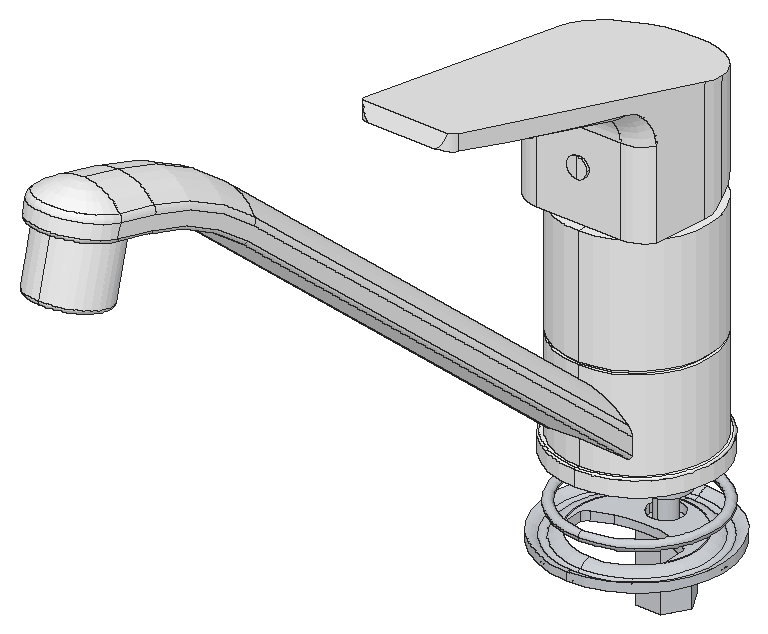
Revit family "Reece_Tap_Posh_Solus MK3_Sink Mixer", category Plumbing Fixtures, host Face, Revit 2018
Family settings
  Host = Face
  Round Connector Dimension = Use Diameter
  Part Type = Normal
  Cut with Voids When Loaded = No
  Shared = Yes
  Room Calculation Point = Yes
Parameters (values of type "210 mm_Chrome")
  WFU = 0  # constant formula
  URL = "https://www.reece.com.au/product/-9508811"
  Type Comments = "Tap"
  Reece_Tap_Reach = 210 mm  # constant formula
  Reece_Tap_Inlet = 12 mm  # constant formula
  Reece_Tap_Clearance = 132 mm  # constant formula
  Reece_Product_Web Page = "https://www.reece.com.au/product/-9508811"
  Reece_Product_Type = "Tap"  # constant formula
  Reece_Product_Sub Brand = "Solus"  # constant formula
  Reece_Product_Number = "9508811"
  Reece_Product_Mount = "Hob Mounted"
  Reece_Product_Description = "Posh Solus MK3 Standard Sink Mixer Tap Chrome (4 Star)"  # constant formula
  Reece_Product_Brand = "Posh"  # constant formula
  Reece_Overall_Height = 162 mm  # constant formula
  Reece_Material-Main = Reece_Brass_Chrome
  Reece_Detail_Installation = ""
  Reece_Detail_Disclaimer = "THIS FILE IS THE PROPERTY OF THE REECE GROUP. IT MAY NOT BE REPRODUCED, REVERSE-ENGINEERED OR MODIFIED. ANY REPUBLICATION, TRANSMISSION OR DISTRIBUTION FOR THE PURPOSE OF COMMERCIALLY EXPLOITING THE FILES IS PROHIBITED."  # constant formula
  Reece_Detail_Connector = ""
  Reece_Detail_Additional = "Sink Mixer"  # constant formula
  Model = "Solus"
  Manufacturer = "Posh"
  Keynote = "Product #9508811, Reece_Tap_Posh_Solus MK3_Sink Mixer - 210 mm_Chrome"
  HWFU = 0  # constant formula
  Disclaimer = "THIS FILE IS THE PROPERTY OF THE REECE GROUP. IT MAY NOT BE REPRODUCED, REVERSE-ENGINEERED OR MODIFIED. ANY REPUBLICATION, TRANSMISSION OR DISTRIBUTION FOR THE PURPOSE OF COMMERCIALLY EXPLOITING THE FILES IS PROHIBITED."  # constant formula
  Description = "Posh Solus MK3 Standard Sink Mixer Tap Chrome (4 Star)"
  Default Elevation = 1000 mm
  CWFU = 0  # constant formula
Types (2, lengths in mm): name | Keynote
  (no name) | "Product #9508811, Reece_Tap_Posh_Solus MK3_Sink Mixer -  "
  210 mm_Chrome | "Product #9508811, Reece_Tap_Posh_Solus MK3_Sink Mixer - 210 mm_Chrome"
Reference planes
  plane 1 "Center (Front/Back)": y = 0
  plane 2 "Bottom": z = 0
  plane 3 "Center (Left/Right)": x = 0
  plane 4 "Top": z = 162
  plane 5: y = -209.951
  plane 6: through (0, -202.021, 161.593) normal (0, 0.9659, -0.2588)
  plane 7: z = 132
Forms (mm)
  Revolve 1, solid, material "Reece_Brass_Chrome" <- "Reece_Material-Main"
    sketch origin (0, 0, 0.083) x (0, 1, 0) y (0, 0, 1)
      loop
        line (0, 0) -> (0, 85)
        arc (0, 85) -> (-12.728, 79.728) -> (-18, 67) r 18
        line (-18, 67) -> (-21.5, 67) -> (-21.5, 32.562) -> (-20.5, 32.562) -> (-20.5, 31.562) -> (-21.5, 31.562) -> (-21.5, 5) -> (-22.5, 5)
        arc (-22.5, 5) -> (-22.854, 4.854) -> (-23, 4.5) r 0.5
        line (-23, 4.5) -> (-23, 0) -> (0, 0)
      axis (0, 0) -> (0, 85)
    angle from 0 to 360
  Revolve 2, solid, material "Reece_Brass_Chrome" <- "Reece_Material-Main"
    sketch origin (0, 0.049, -0.154) x (0, 1, 0) y (0, 0, 1)
      loop
        line (-210, 132.154) -> (-204.71, 151.897) -> (-215.498, 154.788) -> (-220.529, 136.011)
        arc (-220.529, 136.011) -> (-220.429, 135.252) -> (-219.822, 134.786) r 1
        line (-219.822, 134.786) -> (-218.829, 134.52) -> (-218.503, 135.734) -> (-217.054, 135.346) -> (-217.38, 134.131) -> (-210, 132.154)
      axis (-210, 132.154) -> (-204.71, 151.897)
    angle from 0 to 360
  Sweep 3, solid, material "Reece_Brass_Chrome" <- "Reece_Material-Main"
    path origin (0, 0, 29) x (0, 1, 0) y (0, 0, 1)
      loop
        line (-21.5, 40.154) -> (-21.5, 65.719)
        arc (-21.5, 65.719) -> (-23.514, 71.737) -> (-28.744, 75.331) r 10
        line (-28.744, 75.331) -> (-86.5, 91.893)
    profile origin (0, -21.5, 81.936) x (0, -1, 0) y (1, 0, 0)
      loop
        line (-44.916, -24.549) -> (-8.216, -21.338)
        arc (-8.216, -21.338) -> (-2.365, -18.452) -> (0, -12.372) r 9
        line (0, -12.372) -> (0, 12.372)
        arc (0, 12.372) -> (-2.365, 18.452) -> (-8.216, 21.338) r 9
        line (-8.216, 21.338) -> (-44.916, 24.549) -> (-44.916, -24.549)
  Extrusion 4, void
    sketch origin (0, 0, 29) x (0, 1, 0) y (0, 0, 1)
      loop
        line (-101.23, 100.065) -> (21.5, 70.6) -> (21.5, 49.304) -> (0.949, 40.154) -> (29.569, 40.154) -> (29.569, 146.846) -> (-101.23, 146.846) -> (-101.23, 100.065)
    from -27.964 to 27.036
  Extrusion 5, solid, material "Reece_Brass_Chrome" <- "Reece_Material-Main"
    sketch origin (0, -0.344, 59) x (1, 0, 0) y (0, 0, 1)
      loop
        circle (0, 25.154) r 3
    from 0 to 23.5
  Revolve 6, void
    sketch origin (0, -0.344, 58.846) x (0, 1, 0) y (0, 0, 1)
      loop
        line (-21.844, 30.455) -> (-25.067, 30.455) -> (-25.067, 21.417) -> (-21.844, 21.417) -> (-21.844, 30.455)
      axis (0, 30.455) -> (0, 21.417)
    angle from 0 to 360
  Extrusion 7, void
    sketch origin (0, 0, 0) x (1, 0, 0) y (0, 1, 0)
      loop
        arc (-20.756, 5.606) -> (-21.376, 2.086) -> (-21.36, -1.487) r 20
        line (-21.36, -1.487) -> (-13.683, -82.876)
        arc (-13.683, -82.876) -> (-12.393, -85.458) -> (-9.7, -86.5) r 4
        line (-9.7, -86.5) -> (9.7, -86.5)
        arc (9.7, -86.5) -> (12.393, -85.458) -> (13.683, -82.876) r 4
        line (13.683, -82.876) -> (21.36, -1.487)
        arc (21.36, -1.487) -> (21.376, 2.086) -> (20.756, 5.606) r 20
        arc (20.756, 5.606) -> (13.071, 17.07) -> (0, 21.5) r 21.5
        arc (0, 21.5) -> (-13.071, 17.07) -> (-20.756, 5.606) r 21.5
      loop
        line (-27.964, 29.569) -> (-27.964, -101.23) -> (27.036, -101.23) -> (27.036, 29.569) -> (-27.964, 29.569)
    from 67 to 169.19
  Extrusion 8, void
    sketch origin (0, 0.949, 0.083) x (0, 1, 0) y (0, 0, 1)
      loop
        line (-17.2, 69.154) -> (0, 69.154) -> (17.051, 76.745) -> (17.051, 81.745) -> (0, 74.154) -> (-17.2, 74.154) -> (-17.2, 69.154)
    from -19.848 to 19.848
  Revolve 9, solid
    sketch origin (0, -4.051, -0.183) x (0, 1, 0) y (0, 0, 1)
      loop
        line (14.924, 0.183) -> (8.849, 0.183)
        arc (8.849, 0.183) -> (8.496, 0.037) -> (8.349, -0.317) r 0.5
        line (8.349, -0.317) -> (8.349, -14.094) -> (11.924, -14.094) -> (11.924, -45.927)
        arc (11.924, -45.927) -> (12.07, -46.281) -> (12.424, -46.427) r 0.5
        line (12.424, -46.427) -> (14.924, -46.427) -> (14.924, 0.183)
      axis (14.924, -46.427) -> (14.924, 0.183)
    angle from 0 to 360
  Extrusion 10, void
    sketch origin (619.2, -619.2, 0) x (1, 0, 0) y (0, 1, 0)
      loop
        circle (-619.2, 620.149) r 20
    from 0 to -60
  Sweep 11, solid, material "Reece_Brass_Chrome" <- "Reece_Material-Main"
    path origin (0, -0.116, 3.216) x (0, 1, 0) y (0, 0, 1)
      loop
        line (-206.947, 146.654) -> (-194.347, 143.278)
        arc (-194.347, 143.278) -> (-176.083, 136.176) -> (-159.79, 125.289) r 90
        line (-159.79, 125.289) -> (1.08, -9.697)
    profile origin (0, -79.471, 61.012) x (0, 0.642788, 0.766044) y (1, 0, 0)
      loop
        arc (0, -11.5) -> (0.293, -12.207) -> (1, -12.5) r 1
        line (1, -12.5) -> (4.874, -12.5)
        arc (4.874, -12.5) -> (5.975, -12.291) -> (6.922, -11.692) r 3
        arc (6.922, -11.692) -> (10.676, -6.374) -> (12, 0) r 16
        arc (12, 0) -> (10.676, 6.374) -> (6.922, 11.692) r 16
        arc (6.922, 11.692) -> (5.975, 12.291) -> (4.874, 12.5) r 3
        line (4.874, 12.5) -> (1, 12.5)
        arc (1, 12.5) -> (0.293, 12.207) -> (0, 11.5) r 1
        line (0, 11.5) -> (0, 0) -> (0, -11.5)
  Revolve 12, solid, material "Reece_Brass_Chrome" <- "Reece_Material-Main"
    sketch origin (0, -207.063, 149.87) x (0, -0.258819, -0.965926) y (1, 0, 0)
      loop
        arc (-12, 0) -> (-10.676, -6.374) -> (-6.922, -11.692) r 16
        arc (-6.922, -11.692) -> (-5.975, -12.291) -> (-4.874, -12.5) r 3
        line (-4.874, -12.5) -> (-1, -12.5)
        arc (-1, -12.5) -> (-0.293, -12.207) -> (0, -11.5) r 1
        line (0, -11.5) -> (0, 0) -> (-12, 0)
      axis (-12, 0) -> (0, 0)
    angle from 0 to -180
  Extrusion 13, solid
    sketch origin (619.2, -619.2, 0) x (1, 0, 0) y (0, 1, 0)
      loop
        circle (-627.2, 620.149) r 6
      loop
        circle (-611.2, 620.149) r 6
    from 0 to 4
  Extrusion 14, solid
    sketch origin (0, 10.873, -14.277) x (-1, 0, 0) y (0, 1, 0)
      loop
        circle (0, 0) r 3
      loop
        line (3.796, 6.574) -> (-3.796, 6.574) -> (-7.591, 0) -> (-3.796, -6.574) -> (3.796, -6.574) -> (7.591, 0) -> (3.796, 6.574)
    from 30 to 10
  Revolve 15, solid
    sketch origin (0, 0, -2) x (0, 1, 0) y (0, 0, 1)
      loop
        arc (18.75, -21.5) -> (21.75, -23) -> (24.75, -21.5) r 3.75
        line (24.75, -21.5) -> (25.75, -21.5) -> (25.75, -19)
        arc (25.75, -19) -> (24.212, -19.499) -> (22.941, -20.498) r 4.61
        arc (22.941, -20.498) -> (21.841, -21) -> (20.728, -20.527) r 1.5
        arc (20.728, -20.527) -> (19.122, -19.398) -> (17.2, -19) r 4.84
        line (17.2, -19) -> (17.2, -21.5) -> (18.75, -21.5)
      axis (0, -19) -> (0, -21.5)
    angle from 0 to 360
  Extrusion 16, solid
    sketch origin (0, 0, -25) x (1, 0, 0) y (0, 1, 0)
      loop
        arc (-8.263, 1.702) -> (0, 3.159) -> (8.263, 1.702) r 24.16
        line (8.263, 1.702) -> (13.684, -0.271)
        arc (13.684, -0.271) -> (14.638, -1.003) -> (15, -2.15) r 2
        line (15, -2.15) -> (15, -8.417)
        arc (15, -8.417) -> (0, 17.2) -> (-15, -8.417) r 17.2
        line (-15, -8.417) -> (-15, -2.15)
        arc (-15, -2.15) -> (-14.638, -1.003) -> (-13.684, -0.271) r 2
        line (-13.684, -0.271) -> (-8.263, 1.702)
      loop
        circle (0, 10.873) r 5
    from 1.5 to 4
  Revolve 17, solid
    sketch origin (0, 0, 0) x (0, 1, 0) y (0, 0, 1)
      loop
        circle (22.2, -14) r 1.3
      axis (1, -14) -> (1, -13)
    angle from 0 to 360
Cuts and joins
  Extrusion 4, Extrusion 7 cuts Sweep 3
  Revolve 6 cuts Extrusion 5
  joined: Sweep 3, Extrusion 5
  Extrusion 8 cuts Revolve 1
  joined: Revolve 1, Revolve 2, Sweep 11, Revolve 12
Lines and regions (mm)
  symbolic lines, style "PlumbingFixtures"
    curve 1: line (12.5, 0, 154.559) -> (12.5, 0, 128.186)
    curve 2: line (-12.5, 0, 154.559) -> (-12.5, 0, 128.186)
Text (mm)
  text "Reece Copyright © 2018, Reece Ltd." at (-736.401, -309.454, 0), in view "Ref. Level"
  text "Reece ©" at (44.384, 258.95, 192.345), in view "Reece Preview"
Dimensions and locks
  "Reece_Tap_Reach": plane 5 to plane 1 "Center (Front/Back)"
  "Reece_Tap_Clearance": plane 7 to plane 2 "Bottom"
  "Reece_Overall_Height": plane 4 "Top" to plane 2 "Bottom"
  angle plane 6 to plane 5 = 15.00°  (x2)
  aligned and locked: plane 2 "Bottom" to host face
  aligned and locked: level to host face
Automatic sketch dimensions
  curve 2 to plane 3 "Center (Left/Right)" = 12.5 mm
  plane 7 to curve 1 = 3.814 mm
  plane 3 "Center (Left/Right)" to curve 1 = 12.5 mm
  plane 7 to curve 2 = 3.814 mm
  curve 2 to plane 4 "Top" = 7.441 mm
  curve 1 to plane 4 "Top" = 7.441 mm
  host sketch curve to host sketch curve = 380.785 mm
  host sketch curve to host sketch curve = 317.421 mm
  Revolve 1 sketch curve to plane 1 "Center (Front/Back)" = 0 mm  (x2)
  plane 1 "Center (Front/Back)" to Revolve 1 sketch curve = 18 mm
  plane 1 "Center (Front/Back)" to Revolve 1 sketch curve = 20.5 mm
  Revolve 1 sketch curve to Revolve 1 sketch curve = 3.5 mm
  Revolve 1 sketch curve to Revolve 1 sketch curve = 0 mm
  Revolve 1 sketch curve to Revolve 1 sketch curve = 1 mm  (x2)
  level to Revolve 1 sketch curve = 0.083 mm
  Revolve 1 sketch curve to Revolve 1 sketch curve = 0.5 mm
  Revolve 1 sketch curve to Revolve 1 sketch curve = 4.5 mm
  Revolve 1 sketch curve to Revolve 1 sketch curve = 26.562 mm
  Revolve 1 sketch curve to Revolve 1 sketch curve = 34.438 mm
  Revolve 1 sketch curve to level = 49.917 mm
  plane 4 "Top" to Revolve 1 sketch curve = 43.083 mm
  Revolve 2 sketch curve to plane 5 = 0 mm  (x2)
  plane 6 to Revolve 2 sketch curve = 0 mm  (x4)
  Revolve 2 sketch curve to plane 5 = 5.498 mm
  Revolve 2 sketch curve to plane 7 = 3.192 mm
  Revolve 2 sketch curve to plane 5 = 7.054 mm
  Revolve 2 sketch curve to plane 7 = 3.58 mm
  Revolve 2 sketch curve to plane 7 = 2.366 mm
  Revolve 2 sketch curve to Revolve 2 sketch curve = 1.06 mm
  Revolve 2 sketch curve to plane 7 = 2.632 mm
  Revolve 2 sketch curve to plane 7 = 3.856 mm
  Revolve 2 sketch curve to Revolve 2 sketch curve = 0.966 mm
  Revolve 2 sketch curve to Revolve 2 sketch curve = 0.447 mm
  plane 1 "Center (Front/Back)" to Sweep 3 sketch curve = 31.5 mm
  Sweep 3 sketch curve to Sweep 3 sketch curve = 2.756 mm
  Sweep 3 sketch curve to Sweep 3 sketch curve = 10 mm
  plane 7 to Sweep 3 sketch curve = 37.281 mm
  plane 7 to Sweep 3 sketch curve = 11.107 mm
  Sweep 3 sketch curve to Sweep 3 sketch curve = 57.756 mm
  Sweep 3 sketch curve to Sweep 3 sketch curve = 25.564 mm
  Sweep 3 sketch curve to profile plane = 0 mm
  profile plane to Sweep 3 sketch curve = 8.216 mm  (x2)
  profile plane to Sweep 3 sketch curve = 9 mm  (x2)
  Sweep 3 sketch curve to Sweep 3 sketch curve = 36.7 mm
  Sweep 3 sketch curve to profile plane = 24.549 mm
  Sweep 3 sketch curve to profile plane = 21.338 mm
  profile plane to Sweep 3 sketch curve = 12.372 mm
  profile plane to Sweep 3 sketch curve = 24.549 mm
  plane 4 "Top" to Extrusion 4 sketch curve = 13.846 mm
  plane 1 "Center (Front/Back)" to Extrusion 4 sketch curve = 101.23 mm
  Extrusion 4 sketch curve to plane 1 "Center (Front/Back)" = 0.949 mm
  Extrusion 4 sketch curve to plane 1 "Center (Front/Back)" = 21.5 mm
  Extrusion 4 sketch curve to plane 1 "Center (Front/Back)" = 29.569 mm
  plane 7 to Extrusion 4 sketch curve = 32.4 mm
  Extrusion 4 sketch curve to Extrusion 4 sketch curve = 9.15 mm
  Extrusion 5 sketch curve to plane 3 "Center (Left/Right)" = 0 mm
  plane 7 to Extrusion 5 sketch curve = 47.846 mm
  plane 1 "Center (Front/Back)" to Revolve 6 sketch curve = 25.411 mm
  Revolve 6 sketch curve to Revolve 6 sketch curve = 3.223 mm
  plane 7 to Revolve 6 sketch curve = 51.737 mm
  Revolve 6 sketch curve to Revolve 6 sketch curve = 9.038 mm
  plane 1 "Center (Front/Back)" to Revolve 6 sketch curve = 0.344 mm
  Revolve 6 sketch curve to Revolve 6 sketch curve = 21.263 mm
  Revolve 6 sketch curve to plane 7 = 1.735 mm
  Extrusion 7 sketch curve to Extrusion 7 sketch curve = 0 mm  (x4)
  Extrusion 7 sketch curve to plane 3 "Center (Left/Right)" = 0 mm
  plane 1 "Center (Front/Back)" to Extrusion 7 sketch curve = 0 mm
  Extrusion 7 sketch curve to plane 1 "Center (Front/Back)" = 0.391 mm  (x2)
  Extrusion 7 sketch curve to plane 3 "Center (Left/Right)" = 1.448 mm
  Extrusion 7 sketch curve to plane 3 "Center (Left/Right)" = 9.7 mm
  Extrusion 7 sketch curve to Extrusion 7 sketch curve = 3.982 mm  (x2)
  plane 1 "Center (Front/Back)" to Extrusion 7 sketch curve = 1.487 mm  (x2)
  Extrusion 7 sketch curve to Extrusion 7 sketch curve = 19.912 mm  (x2)
  Extrusion 7 sketch curve to Extrusion 7 sketch curve = 7.208 mm
  plane 3 "Center (Left/Right)" to Extrusion 7 sketch curve = 1.448 mm
  plane 3 "Center (Left/Right)" to Extrusion 7 sketch curve = 9.7 mm
  Extrusion 7 sketch curve to Extrusion 7 sketch curve = 6.279 mm
  Extrusion 7 sketch curve to Extrusion 7 sketch curve = 81.013 mm
  Extrusion 7 sketch curve to Extrusion 7 sketch curve = 0.376 mm
  Extrusion 7 sketch curve to Extrusion 7 sketch curve = 18.354 mm
  Extrusion 7 sketch curve to Extrusion 7 sketch curve = 23.963 mm
  plane 1 "Center (Front/Back)" to Extrusion 8 sketch curve = 16.251 mm
  Extrusion 8 sketch curve to plane 1 "Center (Front/Back)" = 0.949 mm  (x2)
  Extrusion 8 sketch curve to plane 1 "Center (Front/Back)" = 18 mm
  plane 7 to Extrusion 8 sketch curve = 62.763 mm
  Extrusion 8 sketch curve to Extrusion 8 sketch curve = 5 mm  (x2)
  Extrusion 8 sketch curve to Extrusion 8 sketch curve = 2.591 mm
  level to Revolve 9 sketch curve = 0 mm
  Revolve 9 sketch curve to plane 1 "Center (Front/Back)" = 4.299 mm
  Revolve 9 sketch curve to Revolve 9 sketch curve = 0.5 mm  (x2)
  Revolve 9 sketch curve to Revolve 9 sketch curve = 3.574 mm
  Revolve 9 sketch curve to Revolve 9 sketch curve = 2.5 mm
  Revolve 9 sketch curve to Revolve 9 sketch curve = 13.777 mm
  Revolve 9 sketch curve to Revolve 9 sketch curve = 31.833 mm
  Revolve 9 sketch curve to plane 1 "Center (Front/Back)" = 10.873 mm
  Revolve 9 sketch curve to Revolve 9 sketch curve = 1.073 mm
  Revolve 9 sketch curve to Revolve 9 sketch curve = 19.957 mm
  Extrusion 10 sketch curve to plane 3 "Center (Left/Right)" = 0 mm
  Extrusion 10 sketch curve to plane 1 "Center (Front/Back)" = 0.949 mm
  Sweep 11 sketch curve to plane 5 = 7.806 mm
  plane 5 to Sweep 11 sketch curve = 15.488 mm
  plane 7 to Sweep 11 sketch curve = 3.495 mm
  Sweep 11 sketch curve to Sweep 11 sketch curve = 34.557 mm
  level to Sweep 11 sketch curve = 59.561 mm
  plane 5 to Sweep 11 sketch curve = 2.887 mm
  Sweep 11 sketch curve to plane 1 "Center (Front/Back)" = 0.964 mm
  Sweep 11 sketch curve to level = 6.481 mm
  Sweep 11 sketch curve to plane 4 "Top" = 12.13 mm
  Sweep 11 sketch curve to Sweep 11 sketch curve = 0 mm  (x3)
  Sweep 11 sketch curve to profile plane = 0 mm  (x3)
  profile plane to Sweep 11 sketch curve = 4 mm
  Sweep 11 sketch curve to Sweep 11 sketch curve = 1 mm
  Sweep 11 sketch curve to profile plane = 1 mm
  Sweep 11 sketch curve to Sweep 11 sketch curve = 3.874 mm  (x2)
  Sweep 11 sketch curve to profile plane = 9.5 mm
  Sweep 11 sketch curve to Sweep 11 sketch curve = 2 mm  (x2)
  profile plane to Sweep 11 sketch curve = 9.5 mm
  Revolve 12 sketch curve to Sweep 11 = 0 mm
  Revolve 12 sketch curve to Sweep 11 = 1 mm
  Revolve 12 sketch curve to Revolve 12 sketch curve = 0 mm  (x2)
  Revolve 12 sketch curve to Revolve 12 sketch curve = 1.597 mm
  Extrusion 4 sketch curve to Extrusion 4 sketch curve = 21.296 mm
  plane 7 to Extrusion 4 sketch curve = 2.935 mm
  Extrusion 13 sketch curve to plane 1 "Center (Front/Back)" = 0.949 mm  (x2)
  Extrusion 13 sketch curve to plane 3 "Center (Left/Right)" = 8 mm
  plane 3 "Center (Left/Right)" to Extrusion 13 sketch curve = 8 mm
  Extrusion 14 sketch curve to Revolve 9 = 3.796 mm  (x2)
  Extrusion 14 sketch curve to Revolve 9 = 7.591 mm
  Revolve 9 to Extrusion 14 sketch curve = 3.796 mm  (x2)
  Extrusion 14 sketch curve to Extrusion 14 sketch curve = 3.796 mm
  Extrusion 14 sketch curve to Extrusion 14 sketch curve = 3.574 mm  (x2)
  Extrusion 14 sketch curve to Extrusion 14 sketch curve = 0 mm
  Extrusion 14 sketch curve to Extrusion 14 sketch curve = 6.574 mm
  Revolve 15 sketch curve to plane 1 "Center (Front/Back)" = 0 mm
  Revolve 15 sketch curve to level = 21 mm
  Revolve 15 sketch curve to plane 1 "Center (Front/Back)" = 17.2 mm
  Revolve 15 sketch curve to Revolve 15 sketch curve = 1.55 mm
  Revolve 15 sketch curve to Revolve 15 sketch curve = 3 mm
  Revolve 15 sketch curve to Revolve 15 sketch curve = 0.072 mm
  Revolve 15 sketch curve to level = 23.5 mm
  Revolve 15 sketch curve to Revolve 15 sketch curve = 2.928 mm
  Revolve 15 sketch curve to Revolve 15 sketch curve = 1 mm
  Revolve 15 sketch curve to level = 25.566 mm
  Revolve 15 sketch curve to Revolve 15 sketch curve = 0.632 mm
  Revolve 15 sketch curve to level = 25.84 mm
  Revolve 15 sketch curve to level = 21.5 mm
  Revolve 15 sketch curve to Revolve 15 sketch curve = 0.25 mm
  Revolve 15 sketch curve to Revolve 15 sketch curve = 2.5 mm
  Revolve 15 sketch curve to Revolve 15 sketch curve = 0 mm
  Revolve 15 sketch curve to Revolve 15 sketch curve = 316.97 mm
  plane 4 "Top" to Revolve 15 sketch curve = 679.832 mm
  plane 1 "Center (Front/Back)" to Extrusion 16 sketch curve = 0 mm
  Extrusion 16 sketch curve to plane 3 "Center (Left/Right)" = 0 mm  (x3)
  Extrusion 16 sketch curve to plane 1 "Center (Front/Back)" = 1.702 mm  (x2)
  Extrusion 16 sketch curve to plane 3 "Center (Left/Right)" = 8.263 mm
  Extrusion 16 sketch curve to Extrusion 16 sketch curve = 4.737 mm  (x2)
  plane 1 "Center (Front/Back)" to Extrusion 16 sketch curve = 0.271 mm  (x2)
  Extrusion 16 sketch curve to Extrusion 16 sketch curve = 0.684 mm  (x2)
  Extrusion 16 sketch curve to Extrusion 16 sketch curve = 2 mm
  plane 1 "Center (Front/Back)" to Extrusion 16 sketch curve = 2.15 mm
  Extrusion 16 sketch curve to Extrusion 16 sketch curve = 6.266 mm
  Extrusion 16 sketch curve to Extrusion 16 sketch curve = 12.584 mm
  Extrusion 16 sketch curve to Extrusion 16 sketch curve = 10.873 mm
  Revolve 17 sketch curve to level = 14 mm  (x2)
  Revolve 17 sketch curve to plane 1 "Center (Front/Back)" = 22.2 mm
  Revolve 17 sketch curve to plane 1 "Center (Front/Back)" = 1 mm
  Revolve 17 sketch curve to Revolve 17 sketch curve = 4.102 mm
  radius of Extrusion 5 sketch curve = 3 mm
  radius of Extrusion 10 sketch curve = 20 mm
  radius of Revolve 12 sketch curve to Sweep 11 = 0 mm  (x2)
  radius of Extrusion 13 sketch curve = 6 mm  (x2)
  radius of Extrusion 14 sketch curve to Revolve 9 = 0 mm
  radius of Extrusion 16 sketch curve = 5 mm
  radius of Revolve 17 sketch curve = 1.3 mm
Connectors
  piping at (-8, 0.949, 0), diameter 12, driven by "Reece_Tap_Inlet"
    settings: on Extrusion 13, index 1, connector inside diameter 609.6 mm, connector length 0 mm, flow factor 0, pipe flow 0.0 L/s, pressure drop 0.0 Pa, fitting loss kfactor 0, connector angle 0.00°, fixture units 0, engagement length 0 mm, angle of deflection 0.00°, flow configuration 0, flow direction 2, fitting loss method 0, system type 29, joint type 0, gender type 0, connector reference index -1, connector utility 0, adjustable connector no, is connector primary yes, connector description ""
  piping at (8, 0.949, 0), diameter 12, driven by "Reece_Tap_Inlet"
    settings: on Extrusion 13, index 2, connector inside diameter 609.6 mm, connector length 0 mm, flow factor 0, pipe flow 0.0 L/s, pressure drop 0.0 Pa, fitting loss kfactor 0, connector angle 0.00°, fixture units 0, engagement length 0 mm, angle of deflection 0.00°, flow configuration 0, flow direction 2, fitting loss method 0, system type 29, joint type 0, gender type 0, connector reference index -1, connector utility 0, adjustable connector no, is connector primary no, connector description ""
